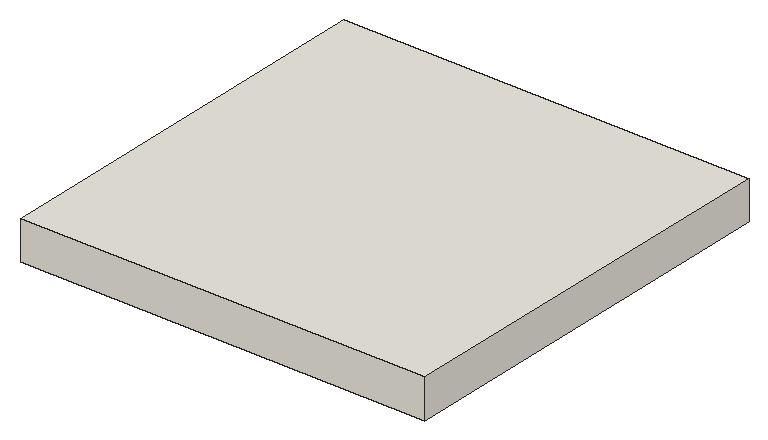
Revit family "UNIVERSAL", category Осветительные приборы, Revit 2019 (continued)
Types (12, lengths in mm): name | Файл фотометрической сетки | built-in parameter 1150105 | Lumens | built-in parameter 1150106 | built-in parameter 1150142 | Wattage | Emit from Rectangle Width | Emit from Rectangle Length | Длина | Ширина | ADSK_Ток | ADSK_Полная мощность | ADSK_Обозначение | ADSK_Номинальная мощность | ADSK_Наименование | ADSK_Код изделия
     465.327 396.780 \r\n330.206 266.394 205.541 145.772 92.217 43.002 3.156 \r\n2375.255 2375.649 2371.704 2364.011 2351.880 2335.804 2315.684 2291.323 2262.819 2230.962 2195.555 2156.597 2113.990 2068.325 2020.786 1969.402 1915.452 1859.036 \r\n1800.255 1740.091 1677.167 1612.762 1547.373 1480.404 1411.168 1341.043 1266.579 1194.581 1122.287 1049.302 975.725 901.952 828.178 754.405 680.927 608.336 536.536 466.313 397.668 \r\n331.094 267.085 206.132 146.363 92.710 43.298 3.255 \r\n2375.255 2375.748 2371.803 2364.209 2352.078 2336.100 2316.079 2291.816 2263.411 2231.653 2196.245 2157.386 2114.877 2069.311 2021.772 1970.486 1916.635 1860.319 \r\n1801.537 1741.374 1678.449 1614.144 1548.753 1481.785 1412.548 1342.523 1267.960 1195.962 1123.569 1050.584 976.909 903.136 829.362 755.588 682.012 609.422 537.522 467.200 398.556 \r\n331.883 267.774 206.823 146.857 93.105 43.593 3.255 \r\n2375.255 2375.748 2372.001 2364.406 2352.373 2336.494 2316.572 2292.309 2264.003 2232.343 2197.034 2158.274 2115.863 2070.297 2022.858 1971.571 1917.819 1861.502 \r\n1802.819 1742.754 1679.830 1615.525 1550.134 1483.166 1413.929 1344.100 1269.341 1197.342 1124.949 1051.867 978.191 904.418 830.545 756.673 683.097 610.506 538.606 468.186 399.443 \r\n332.672 268.564 207.414 147.449 93.500 43.791 3.255 \r\n2375.255 2375.846 2372.099 2364.603 2352.571 2336.790 2316.966 2292.802 2264.594 2232.935 2197.725 2159.063 2116.751 2071.283 2023.942 1972.754 1919.002 1862.785 \r\n1804.002 1744.036 1681.210 1616.905 1551.614 1484.645 1415.310 1345.580 1270.721 1198.625 1126.232 1053.149 979.474 905.601 831.729 757.857 684.181 611.493 539.593 469.172 400.331 \r\n333.461 269.254 208.105 147.942 93.893 44.087 3.255 \r\n2375.255 2375.946 2372.197 2364.702 2352.866 2337.086 2317.361 2293.393 2265.186 2233.626 2198.514 2159.950 2117.639 2072.171 2024.929 1973.840 1920.186 1864.067 \r\n1805.284 1745.417 1682.591 1618.286 1552.995 1486.026 1416.790 1347.059 1272.102 1200.005 1127.612 1054.430 980.756 906.784 832.912 758.941 685.365 612.578 540.579 470.060 401.218 \r\n334.249 269.944 208.697 148.435 94.288 44.382 3.354 \r\n2375.255 2375.946 2372.296 2364.899 2353.064 2337.480 2317.854 2293.886 2265.778 2234.315 2199.204 2160.740 2118.625 2073.158 2026.014 1974.924 1921.370 1865.250 \r\n1806.566 1746.699 1683.873 1619.666 1554.375 1487.407 1418.170 1348.538 1273.483 1201.386 1128.894 1055.712 982.038 908.067 834.096 760.125 686.450 613.663 541.565 471.047 402.106 \r\n335.039 270.733 209.387 149.027 94.781 44.678 3.354 \r\n2375.255 2376.044 2372.394 2365.097 2353.360 2337.777 2318.248 2294.380 2266.370 2234.908 2199.993 2161.528 2119.513 2074.144 2027.000 1976.108 1922.553 1866.532 \r\n1807.849 1747.981 1685.255 1621.048 1555.756 1488.886 1419.551 1350.018 1274.864 1202.668 1130.275 1056.994 983.320 909.250 835.279 761.309 687.535 614.649 542.552 471.935 402.895 \r\n335.926 271.424 209.979 149.520 95.176 44.975 3.354 \r\n2375.255 2376.044 2372.494 2365.293 2353.557 2338.171 2318.643 2294.873 2266.961 2235.598 2200.684 2162.415 2120.401 2075.130 2028.085 1977.192 1923.638 1867.716 \r\n1809.131 1749.362 1686.635 1622.429 1557.136 1490.267 1420.931 1351.497 1276.146 1204.049 1131.557 1058.376 984.503 910.533 836.463 762.393 688.619 615.733 543.538 472.921 403.783 \r\n336.715 272.212 210.670 150.112 95.570 45.270 3.354 \r\n2375.255 2376.142 2372.592 2365.392 2353.853 2338.466 2319.037 2295.366 2267.553 2236.288 2201.472 2163.205 2121.288 2076.018 2029.169 1978.278 1924.822 1868.998 \r\n1810.315 1750.644 1688.016 1623.809 1558.616 1491.648 1422.411 1353.076 1277.527 1205.430 1132.938 1059.658 985.785 911.716 837.647 763.577 689.705 616.720 544.524 473.808 404.670 \r\n337.505 272.903 211.261 150.605 95.965 45.566 3.452 \r\n2375.255 2376.142 2372.690 2365.590 2354.050 2338.861 2319.531 2295.859 2268.145 2236.880 2202.163 2164.092 2122.274 2077.005 2030.156 1979.462 1926.004 1870.182 \r\n1811.597 1752.025 1689.298 1625.190 1559.997 1493.128 1423.792 1354.555 1278.908 1206.711 1134.220 1060.939 987.067 912.998 838.830 764.662 690.789 617.805 545.510 474.794 405.558 \r\n338.294 273.594 211.952 151.098 96.458 45.862 3.452 \r\n2375.255 2376.241 2372.789 2365.786 2354.346 2339.157 2319.924 2296.352 2268.736 2237.571 2202.952 2164.881 2123.162 2077.991 2031.241 1980.546 1927.188 1871.464 \r\n1812.879 1753.307 1690.679 1626.570 1561.378 1494.508 1425.173 1356.035 1280.288 1208.093 1135.602 1062.222 988.350 914.181 840.013 765.845 691.875 618.890 546.497 475.682 406.446 \r\n339.083 274.382 212.642 151.690 96.852 46.157 3.452 \r\n2375.255 2376.142 2372.690 2365.590 2354.050 2338.861 2319.531 2295.859 2268.145 2236.880 2202.163 2164.092 2122.274 2077.005 2030.156 1979.462 1926.004 1870.182 \r\n1811.597 1752.025 1689.298 1625.190 1559.997 1493.128 1423.792 1354.555 1278.908 1206.711 1134.220 1060.939 987.067 912.998 838.830 764.662 690.789 617.805 545.510 474.794 405.558 \r\n338.294 273.594 211.952 151.098 96.458 45.862 3.452 \r\n2375.255 2376.142 2372.592 2365.392 2353.853 2338.466 2319.037 2295.366 2267.553 2236.288 2201.472 2163.205 2121.288 2076.018 2029.169 1978.278 1924.822 1868.998 \r\n1810.315 1750.644 1688.016 1623.809 1558.616 1491.648 1422.411 1353.076 1277.527 1205.430 1132.938 1059.658 985.785 911.716 837.647 763.577 689.705 616.720 544.524 473.808 404.670 \r\n337.505 272.903 211.261 150.605 95.965 45.566 3.452 \r\n2375.255 2376.044 2372.494 2365.293 2353.557 2338.171 2318.643 2294.873 2266.961 2235.598 2200.684 2162.415 2120.401 2075.130 2028.085 1977.192 1923.638 1867.716 \r\n1809.131 1749.362 1686.635 1622.429 1557.136 1490.267 1420.931 1351.497 1276.146 1204.049 1131.557 1058.376 984.503 910.533 836.463 762.393 688.619 615.733 543.538 472.921 403.783 \r\n336.715 272.212 210.670 150.112 95.570 45.270 3.354 \r\n2375.255 2376.044 2372.394 2365.097 2353.360 2337.777 2318.248 2294.380 2266.370 2234.908 2199.993 2161.528 2119.513 2074.144 2027.000 1976.108 1922.553 1866.532 \r\n1807.849 1747.981 1685.255 1621.048 1555.756 1488.886 1419.551 1350.018 1274.864 1202.668 1130.275 1056.994 983.320 909.250 835.279 761.309 687.535 614.649 542.552 471.935 402.895 \r\n335.926 271.424 209.979 149.520 95.176 44.975 3.354 \r\n2375.255 2375.946 2372.296 2364.899 2353.064 2337.480 2317.854 2293.886 2265.778 2234.315 2199.204 2160.740 2118.625 2073.158 2026.014 1974.924 1921.370 1865.250 \r\n1806.566 1746.699 1683.873 1619.666 1554.375 1487.407 1418.170 1348.538 1273.483 1201.386 1128.894 1055.712 982.038 908.067 834.096 760.125 686.450 613.663 541.565 471.047 402.106 \r\n335.039 270.733 209.387 149.027 94.781 44.678 3.354 \r\n2375.255 2375.946 2372.197 2364.702 2352.866 2337.086 2317.361 2293.393 2265.186 2233.626 2198.514 2159.950 2117.639 2072.171 2024.929 1973.840 1920.186 1864.067 \r\n1805.284 1745.417 1682.591 1618.286 1552.995 1486.026 1416.790 1347.059 1272.102 1200.005 1127.612 1054.430 980.756 906.784 832.912 758.941 685.365 612.578 540.579 470.060 401.218 \r\n334.249 269.944 208.697 148.435 94.288 44.382 3.354 \r\n2375.255 2375.846 2372.099 2364.603 2352.571 2336.790 2316.966 2292.802 2264.594 2232.935 2197.725 2159.063 2116.751 2071.283 2023.942 1972.754 1919.002 1862.785 \r\n1804.002 1744.036 1681.210 1616.905 1551.614 1484.645 1415.310 1345.580 1270.721 1198.625 1126.232 1053.149 979.474 905.601 831.729 757.857 684.181 611.493 539.593 469.172 400.331 \r\n333.461 269.254 208.105 147.942 93.893 44.087 3.255 \r\n2375.255 2375.748 2372.001 2364.406 2352.373 2336.494 2316.572 2292.309 2264.003 2232.343 2197.034 2158.274 2115.863 2070.297 2022.858 1971.571 1917.819 1861.502 \r\n1802.819 1742.754 1679.830 1615.525 1550.134 1483.166 1413.929 1344.100 1269.341 1197.342 1124.949 1051.867 978.191 904.418 830.545 756.673 683.097 610.506 538.606 468.186 399.443 \r\n332.672 268.564 207.414 147.449 93.500 43.791 3.255 \r\n2375.255 2375.748 2371.803 2364.209 2352.078 2336.100 2316.079 2291.816 2263.411 2231.653 2196.245 2157.386 2114.877 2069.311 2021.772 1970.486 1916.635 1860.319 \r\n1801.537 1741.374 1678.449 1614.144 1548.753 1481.785 1412.548 1342.523 1267.960 1195.962 1123.569 1050.584 976.909 903.136 829.362 755.588 682.012 609.422 537.522 467.200 398.556 \r\n331.883 267.774 206.823 146.857 93.105 43.593 3.255 \r\n2375.255 2375.649 2371.704 2364.011 2351.880 2335.804 2315.684 2291.323 2262.819 2230.962 2195.555 2156.597 2113.990 2068.325 2020.786 1969.402 1915.452 1859.036 \r\n1800.255 1740.091 1677.167 1612.762 1547.373 1480.404 1411.168 1341.043 1266.579 1194.581 1122.287 1049.302 975.725 901.952 828.178 754.405 680.927 608.336 536.536 466.313 397.668 \r\n331.094 267.085 206.132 146.363 92.710 43.298 3.255 \r\n2375.255 2375.649 2371.606 2363.814 2351.584 2335.409 2315.289 2290.829 2262.227 2230.370 2194.766 2155.808 2113.102 2067.437 2019.701 1968.316 1914.268 1857.853 \r\n1798.973 1738.809 1675.786 1611.382 1545.992 1479.023 1409.688 1339.564 1265.198 1193.299 1120.906 1047.921 974.443 900.670 826.994 753.319 679.842 607.350 535.549 465.327 396.780 \r\n330.206 266.394 205.541 145.772 92.217 43.002 3.156 \r\n2375.255 2375.551 2371.507 2363.715 2351.288 2335.113 2314.895 2290.336 2261.635 2229.680 2194.075 2154.920 2112.215 2066.451 2018.617 1967.132 1913.183 1856.570 \r\n1797.690 1737.429 1674.406 1610.001 1544.611 1477.544 1408.307 1338.084 1263.916 1191.917 1119.624 1046.639 973.161 899.486 825.812 752.136 678.757 606.265 534.563 464.439 395.893 \r\n329.417 265.605 204.850 145.279 91.823 42.705 3.156 \r\n2375.255 2375.551 2371.408 2363.518 2351.091 2334.818 2314.402 2289.843 2261.044 2228.990 2193.287 2154.131 2111.228 2065.465 2017.631 1966.048 1912.000 1855.388 \r\n1796.507 1736.146 1673.123 1608.621 1543.132 1476.164 1406.926 1336.605 1262.535 1190.537 1118.243 1045.357 971.879 898.204 824.628 750.953 677.672 605.181 533.577 463.452 395.103 \r\n328.628 264.915 204.258 144.786 91.428 42.410 3.156 \r\n2375.255 2375.452 2371.310 2363.321 2350.795 2334.423 2314.007 2289.350 2260.452 2228.398 2192.596 2153.342 2110.340 2064.479 2016.545 1964.963 1910.816 1854.105 \r\n1795.224 1734.766 1671.742 1607.240 1541.751 1474.782 1405.546 1335.026 1261.154 1189.255 1116.961 1044.075 970.597 897.021 823.346 749.867 676.488 604.195 532.591 462.564 394.216 \r\n327.839 264.126 203.568 144.194 91.034 42.114 3.156 \r\n2375.255 2375.353 2371.211 2363.124 2350.598 2334.127 2313.612 2288.857 2259.959 2227.708 2191.807 2152.454 2109.452 2063.492 2015.461 1963.780 1909.633 1852.922 \r\n1793.942 1733.484 1670.361 1605.859 1540.370 1473.303 1404.165 1333.547 1259.774 1187.874 1115.579 1042.793 969.314 895.837 822.162 748.684 675.404 603.109 531.604 461.578 393.328 \r\n327.050 263.435 202.976 143.701 90.541 41.818 3.057 \r\n2375.255 2375.353 2371.112 2362.927 2350.301 2333.732 2313.119 2288.364 2259.367 2227.017 2191.117 2151.666 2108.565 2062.604 2014.474 1962.694 1908.449 1851.639 \r\n1792.660 1732.103 1668.981 1604.478 1538.989 1471.922 1402.685 1332.067 1258.393 1186.493 1114.297 1041.511 968.132 894.555 820.978 747.599 674.318 602.025 530.618 460.691 392.441 \r\n326.163 262.745 202.285 143.208 90.146 41.523 3.057 \r\n2375.255 2375.255 2371.014 2362.827 2350.105 2333.437 2312.725 2287.871 2258.776 2226.425 2190.328 2150.778 2107.579 2061.618 2013.389 1961.610 1907.265 1850.357 \r\n1791.378 1730.821 1667.698 1603.097 1537.608 1470.542 1401.305 1330.588 1257.012 1185.211 1112.917 1040.228 966.849 893.371 819.795 746.416 673.234 601.038 529.632 459.705 391.553 \r\n325.373 261.956 201.694 142.616 89.751 41.226 3.057 \r\n2375.255 2375.255 2370.915 2362.631 2349.808 2333.042 2312.330 2287.377 2258.183 2225.735 2189.637 2149.989 2106.691 2060.632 2012.403 1960.426 1906.083 1849.173 \r\n1790.194 1729.539 1666.318 1601.717 1536.129 1469.062 1399.924 1329.109 1255.631 1183.830 1111.634 1038.848 965.567 892.089 818.611 745.232 672.149 599.953 528.646 458.817 390.664 \r\n324.584 261.265 201.003 142.123 89.357 40.930 2.959 \r\n2375.255 2375.156 2370.817 2362.433 2349.612 2332.746 2311.936 2286.786 2257.592 2225.045 2188.848 2149.200 2105.804 2059.646 2011.318 1959.341 1904.997 1847.891 \r\n1788.912 1728.157 1664.937 1600.336 1534.749 1467.681 1398.543 1327.629 1254.250 1182.450 1110.254 1037.566 964.285 890.906 817.428 744.147 671.064 598.868 527.659 457.830 389.777 \r\n323.795 260.575 200.412 141.531 88.864 40.733 2.959 \r\n2375.255 2375.058 2370.718 2362.236 2349.315 2332.450 2311.443 2286.293 2257.000 2224.452 2188.158 2148.312 2104.818 2058.758 2010.233 1958.256 1903.813 1846.708 \r\n1787.630 1726.875 1663.655 1598.955 1533.367 1466.301 1397.063 1326.052 1252.968 1181.168 1108.971 1036.283 963.003 889.624 816.244 742.964 669.979 597.882 526.574 456.943 388.889 \r\n323.007 259.786 199.721 141.038 88.469 40.437 2.959 \r\n2375.255 2375.058 2370.619 2362.138 2349.020 2332.055 2311.048 2285.800 2256.408 2223.763 2187.369 2147.523 2103.930 2057.772 2009.246 1957.073 1902.631 1845.426 \r\n1786.348 1725.494 1662.274 1597.574 1531.986 1464.821 1395.683 1324.572 1251.588 1179.786 1107.591 1035.001 961.721 888.440 815.061 741.879 668.796 596.798 525.587 455.957 388.002 \r\n322.118 259.095 199.130 140.545 88.075 40.142 2.959 \r\n2375.255 2374.959 2370.521 2361.940 2348.822 2331.760 2310.653 2285.307 2255.817 2223.072 2186.678 2146.635 2103.042 2056.786 2008.162 1955.988 1901.447 1844.242 \r\n1785.066 1724.212 1660.893 1596.193 1530.606 1463.440 1394.302 1323.093 1250.207 1178.405 1106.309 1033.719 960.537 887.158 813.877 740.695 667.711 595.712 524.601 455.069 387.213 \r\n321.330 258.306 198.439 139.953 87.680 39.846 2.861 \r\n2375.255 2374.959 2370.422 2361.743 2348.526 2331.366 2310.160 2284.814 2255.224 2222.480 2185.890 2145.846 2102.155 2055.800 2007.077 1954.903 1900.263 1842.960 \r\n1783.882 1722.930 1659.512 1594.812 1529.127 1462.059 1392.922 1321.613 1248.826 1177.123 1104.928 1032.437 959.254 885.974 812.693 739.611 666.626 594.726 523.615 454.083 386.325 \r\n320.541 257.616 197.847 139.459 87.187 39.550 2.861 \r\n2375.255 2374.860 2370.324 2361.545 2348.329 2331.069 2309.766 2284.320 2254.633 2221.790 2185.199 2145.057 2101.168 2054.912 2006.091 1953.719 1899.079 1841.678 \r\n1782.600 1721.549 1658.230 1593.432 1527.745 1460.580 1391.442 1320.134 1247.445 1175.743 1103.646 1031.154 957.972 884.790 811.511 738.427 665.541 593.641 522.629 453.195 385.437 \r\n319.751 256.925 197.157 138.868 86.792 39.253 2.861 \r\n2375.255 2374.860 2370.224 2361.348 2348.033 2330.773 2309.371 2283.827 2254.042 2221.100 2184.410 2144.169 2100.280 2053.925 2005.006 1952.635 1897.896 1840.494 \r\n1781.318 1720.267 1656.849 1592.051 1526.365 1459.199 1390.061 1318.556 1246.064 1174.362 1102.265 1029.872 956.690 883.509 810.327 737.243 664.456 592.556 521.642 452.208 384.550 \r\n318.962 256.136 196.565 138.375 86.398 38.958 2.861 \r\n2375.255 2374.762 2370.028 2361.250 2347.836 2330.380 2308.977 2283.334 2253.449 2220.507 2183.720 2143.381 2099.393 2052.939 2004.019 1951.549 1896.811 1839.212 \r\n1780.036 1718.886 1655.469 1590.671 1524.984 1457.818 1388.680 1317.077 1244.684 1172.981 1100.983 1028.492 955.408 882.325 809.143 736.159 663.371 591.570 520.656 451.321 383.662 \r\n318.075 255.446 195.874 137.882 86.003 38.662 2.761 \r\n2375.255 2374.663 2369.929 2361.052 2347.540 2330.083 2308.484 2282.841 2252.858 2219.818 2182.931 2142.493 2098.407 2051.953 2002.935 1950.366 1895.627 1838.029 \r\n1778.753 1717.604 1654.088 1589.289 1523.603 1456.339 1387.300 1315.597 1243.303 1171.699 1099.602 1027.209 954.126 881.043 807.959 734.975 662.287 590.485 519.670 450.335 382.774 \r\n317.285 254.657 195.283 137.290 85.510 38.366 2.761 \r\n2375.255 2374.663 2369.831 2360.855 2347.343 2329.689 2308.089 2282.348 2252.266 2219.127 2182.142 2141.704 2097.519 2050.967 2001.849 1949.281 1894.444 1836.747 \r\n1777.570 1716.322 1652.806 1587.908 1522.124 1454.959 1385.919 1314.118 1242.021 1170.319 1098.320 1025.927 952.943 879.859 806.776 733.890 661.103 589.401 518.684 449.447 381.887 \r\n316.497 253.966 194.593 136.797 85.116 38.169 2.761 \r\n2375.255 2374.564 2369.731 2360.658 2347.047 2329.393 2307.694 2281.855 2251.674 2218.535 2181.451 2140.915 2096.631 2050.078 2000.863 1948.197 1893.260 1835.563 \r\n1776.287 1714.941 1651.425 1586.528 1520.743 1453.578 1384.439 1312.639 1240.640 1168.937 1096.939 1024.645 951.661 878.577 805.592 732.706 660.017 588.414 517.697
